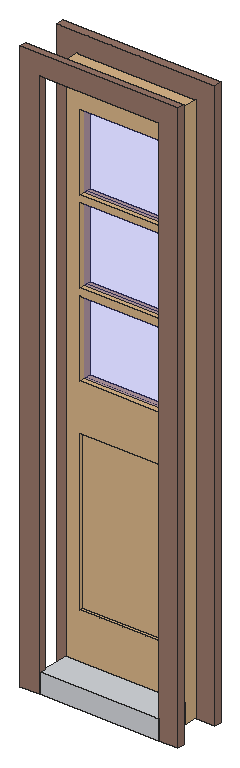
Revit family
Parameters (values of type "0457 x 2134mm")
  문 재료 = 문 - 패널
  프레임 재료 = 문 - 프레임
  Height = 2134.00 mm
  문살 = 25.00 mm
  패널 = 610.00 mm
  난간 폭 - 하단 = 254.00 mm
  난간 폭 - 상단 = 127.00 mm
  선틀 폭 = 51.00 mm
  자르기 투영 외부 = 25.00 mm
  자르기 투영 내부 = 25.00 mm
  자르기 폭 = 76.00 mm
  Wall Closure = (empty or 0)
  Width = 457.00 mm
Types (6, lengths in mm): name | Height | 자르기 투영 내부 | Width
  0305 x 2032mm | 2032.00 | 25.00 | 305.00
  0355 x 2083mm | 2083.00 | 25.00 | 355.00
  0355 x 2134mm | 2134.00 | 5.00 | 355.00
  0406 x 2083mm | 2083.00 | 25.00 | 406.00
  0406 x 2134mm | 2134.00 | 25.00 | 406.00
  0457 x 2134mm | 2134.00 | 25.00 | 457.00
Reference planes
  plane 1: y = 0
  plane 2: z = 0
  plane 3: x = 279.4
  plane 4: x = 50.9
  plane 5: x = 507.9
  plane 6: z = 2134
  plane 7: z = 2007
  plane 8: z = 1981.6
  plane 9: z = 1685.267
  plane 10: z = 1363.533
  plane 11: z = 1041.8
  plane 12: z = 864
  plane 13: z = 254
  plane 14: z = 1660.267
  plane 15: z = 1338.533
  plane 16: x = 456.9
  plane 17: x = 101.9
Forms (mm)
  Extrusion 1, solid, material "문 - 프레임" <- "프레임 재료"
    sketch origin (-3860.8, -76.2, 0) x (1, 0, 0) y (0, 0, 1)
      loop
        line (3911.7, 0) -> (3911.7, 2134) -> (4368.7, 2134) -> (4368.7, 0) -> (4444.7, 0) -> (4444.7, 2210) -> (3835.7, 2210) -> (3835.7, 0) -> (3911.7, 0)
    from 0 to 25
  Extrusion 2, solid, material "문 - 패널" <- "문 재료"
    sketch origin (-3860.8, 101.6, 0) x (-1, 0, 0) y (0, 0, 1)
      loop
        line (-4317.7, 1981.6) -> (-4317.7, 1685.267) -> (-3962.7, 1685.267) -> (-3962.7, 1981.6) -> (-4317.7, 1981.6)
      loop
        line (-4317.7, 1660.267) -> (-4317.7, 1363.533) -> (-3962.7, 1363.533) -> (-3962.7, 1660.267) -> (-4317.7, 1660.267)
      loop
        line (-4317.7, 1338.533) -> (-4317.7, 1041.8) -> (-3962.7, 1041.8) -> (-3962.7, 1338.533) -> (-4317.7, 1338.533)
      loop
        line (-4317.7, 864) -> (-4317.7, 254) -> (-3962.7, 254) -> (-3962.7, 864) -> (-4317.7, 864)
      loop
        line (-3911.7, 2134) -> (-4368.7, 2134) -> (-4368.7, 0) -> (-3911.7, 0) -> (-3911.7, 2134)
    from -75.8 to -25.4
  Extrusion 3, solid, material "문 - 패널" <- "문 재료"
    sketch origin (-3860.8, 25.8, 0) x (-1, 0, 0) y (0, 0, 1)
      loop
        line (-4317.7, 864) -> (-4317.7, 254) -> (-3962.7, 254) -> (-3962.7, 864) -> (-4317.7, 864)
    from 38.1 to 12.7
  Extrusion 4, solid, material "유리"
    sketch origin (-3860.8, 76.2, 0) x (-1, 0, 0) y (0, 0, 1)
      loop
        line (-4317.7, 1981.6) -> (-4317.7, 1685.267) -> (-3962.7, 1685.267) -> (-3962.7, 1981.6) -> (-4317.7, 1981.6)
      loop
        line (-4317.7, 1660.267) -> (-4317.7, 1363.533) -> (-3962.7, 1363.533) -> (-3962.7, 1660.267) -> (-4317.7, 1660.267)
      loop
        line (-4317.7, 1338.533) -> (-4317.7, 1041.8) -> (-3962.7, 1041.8) -> (-3962.7, 1338.533) -> (-4317.7, 1338.533)
    from -31.75 to -19.05
  Extrusion 5, solid, material "문 - 프레임" <- "프레임 재료"
    sketch origin (-1524, 76.2, 0) x (-1, 0, 0) y (0, 0, 1)
      loop
        line (-2107.9, 0) -> (-1498.9, 0) -> (-1498.9, 2210) -> (-2107.9, 2210) -> (-2107.9, 0)
      loop
        line (-2031.9, 76) -> (-1574.9, 76) -> (-1574.9, 2134) -> (-2031.9, 2134) -> (-2031.9, 76)
    from 0.4 to 25.4
  Extrusion 6, solid
    sketch origin (-3860.8, -101.2, 0) x (1, 0, 0) y (0, 0, 1)
      loop
        line (3911.7, 76) -> (3911.7, 0) -> (4368.7, 0) -> (4368.7, 76) -> (3911.7, 76)
    from 0 to -127
Lines and regions (mm)
  Opening 1
    outline origin (-3860.8, -76.2, 0) x (1, 0, 0) y (0, 0, 1)
      loop
        line (3911.7, 0) -> (4368.7, 0) -> (4368.7, 2134) -> (3911.7, 2134) -> (3911.7, 0)
  symbolic lines, style "WindowsFrameMullionProjection"
    curve 1: line (50.9, 76.6, 0) -> (101.9, 76.6, 0)
    curve 2: line (50.9, 76.6, 0) -> (50.9, 25.8, 0)
    curve 3: line (50.9, 25.8, 0) -> (101.9, 25.8, 0)
    curve 4: line (101.9, 76.6, 0) -> (101.9, 25.8, 0)
    curve 5: line (456.9, 76.6, 0) -> (507.9, 76.6, 0)
    curve 6: line (456.9, 76.6, 0) -> (456.9, 25.8, 0)
    curve 8: line (507.9, 76.6, 0) -> (507.9, 25.8, 0)
    curve 11: line (456.9, 25.8, 0) -> (507.9, 25.8, 0)
  symbolic lines
    curve 7: line (456.9, 25.8, 0) -> (507.9, 25.8, 0)
  symbolic lines, style "WindowsGlassProjection"
    curve 9: line (101.9, 57.55, 0) -> (456.9, 57.55, 0)
    curve 10: line (101.9, 44.85, 0) -> (456.9, 44.85, 0)
    curve 12: line (101.9, 57.55, 0) -> (456.9, 57.55, 0)
    curve 13: line (101.9, 44.85, 0) -> (456.9, 44.85, 0)
Text (mm)
  text "외부" at (-1663.726, 559.068, 0), in view "바닥 선"
  text "외부" at (0, 782.295, 2929.354), in view "오른쪽"
  text "외부" at (0, 1602.379, 2554.647), in view "왼쪽"
Dimensions and locks
  equal spacing: plane 4, plane 3, plane 5
  "Width": plane 4 to plane 5
  "Height": plane 2 to plane 6
  "자르기 폭": plane 4 to Extrusion 1 sketch curve
  "자르기 폭": plane 5 to Extrusion 1 sketch curve
  "자르기 폭": plane 6 to Extrusion 1 sketch curve
  equal spacing: plane 11, plane 10, plane 9, plane 7
  "난간 폭 - 상단": plane 7 to plane 6
  locked: plane 8 to plane 7 at 25.4
  "문살": plane 14 to plane 9
  "문살": plane 15 to plane 10
  "선틀 폭": plane 16 to plane 5
  "선틀 폭": plane 17 to plane 4
  locked: plane 12 to plane 11 at 177.8
  "패널": plane 13 to plane 12
  "자르기 투영 내부": Extrusion 1 to host wall
  locked: host wall to Extrusion 2
  "자르기 투영 외부": Extrusion 5 to Extrusion 5
  "난간 폭 - 하단": plane 13 to host wall
  "자르기 폭": Extrusion 5 sketch curve to Extrusion 5 sketch curve
  aligned and locked: plane 4 to Opening 1 sketch curve
  aligned and locked: plane 6 to Opening 1 sketch curve  (x2)
  aligned and locked: Opening 1 sketch curve to plane 5
  aligned and locked: Opening 1 sketch curve to level
  aligned and locked: host wall to plane 1
  aligned and locked: plane 4 to Extrusion 1 sketch curve  (x2)
  aligned and locked: plane 2 to Extrusion 1 sketch curve  (x2)
  aligned and locked: plane 5 to Extrusion 1 sketch curve
  aligned and locked: plane 6 to Extrusion 1 sketch curve  (x2)
  aligned and locked: plane 16 to Extrusion 2 sketch curve  (x4)
  aligned and locked: plane 8 to Extrusion 2 sketch curve
  aligned and locked: plane 9 to Extrusion 2 sketch curve
  aligned and locked: plane 17 to Extrusion 2 sketch curve  (x4)
  aligned and locked: plane 14 to Extrusion 2 sketch curve
  aligned and locked: plane 10 to Extrusion 2 sketch curve
  aligned and locked: plane 15 to Extrusion 2 sketch curve
  aligned and locked: plane 11 to Extrusion 2 sketch curve
  aligned and locked: plane 12 to Extrusion 2 sketch curve
  aligned and locked: plane 13 to Extrusion 2 sketch curve
  aligned and locked: Extrusion 2 sketch curve to Extrusion 1  (x3)
  aligned and locked: Extrusion 3 sketch curve to Extrusion 2  (x4)
  aligned and locked: Extrusion 2 to curve 5
  aligned and locked: curve 8 to Extrusion 2  (x2)
  aligned and locked: Extrusion 2 sketch curve to control icon elem
  aligned and locked: Extrusion 4 sketch curve to Extrusion 2  (x12)
  aligned and locked: Extrusion 1 to Extrusion 5 sketch curve
  aligned and locked: Extrusion 5 sketch curve to Extrusion 1  (x2)
  aligned and locked: curve 3 to curve 6
  aligned and locked: host wall to plane 2
  aligned and locked: Extrusion 6 to Extrusion 2
  aligned and locked: Extrusion 6 sketch curve to Extrusion 5
Automatic sketch dimensions
  Extrusion 1 sketch curve to level = 0.00 mm
  Extrusion 5 sketch curve to level = 0.00 mm
  Extrusion 5 sketch curve to plane 5 = 0.00 mm
  Extrusion 5 sketch curve to plane 4 = 0.00 mm
  Extrusion 5 sketch curve to plane 6 = 0.00 mm
  curve 3 to plane 4 = 0.00 mm
  curve 1 to plane 17 = 0.00 mm
  curve 7 to curve 13 = 19.05 mm
  curve 13 to curve 9 = 12.70 mm
  curve 8 to curve 5 = 50.80 mm
  curve 9 to curve 4 = 19.05 mm
  Extrusion 6 sketch curve to level = 0.00 mm
  Extrusion 6 sketch curve to plane 4 = 0.00 mm
  Extrusion 6 sketch curve to plane 5 = 0.00 mm
